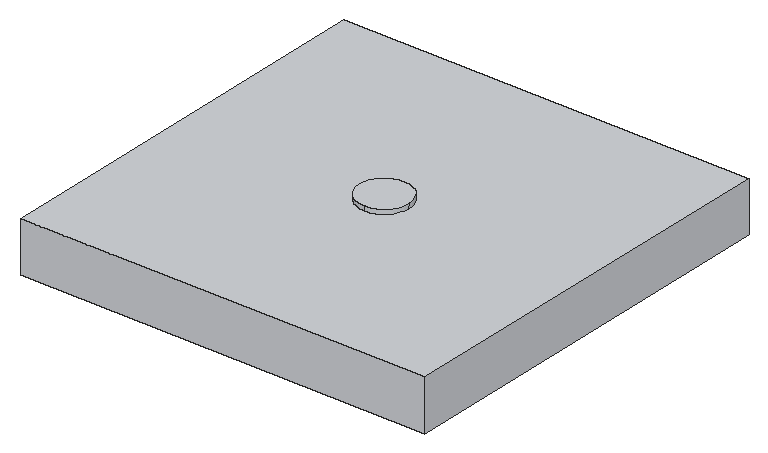
Revit family "M_Conector do duto redondo - Ar de retorno - Terminal de ar", category Terminais de ar, Revit 2019
Family settings
  Hospedeiro = Face
  Cota do conector redondo = Usar raio
  Tipo de parte = Normal
  Número OmniClass = 23.75.70.21.27
  Título OmniClass = Air Outlets and Inlets
  ID de item do Seek = Round Duct Connector - Return Air - Air Terminal-0000-CAN-ENU
  Corte com vazios quando carregada = Não
  Compartilhado = Não
  Ponto de cálculo do ambiente = Não
Parameters (values of type "Padrão")
  SetaAcimaVisível [instance] = yes
  Espessura = 25 mm
  SetaDireitaVisível [instance] = yes
  Raio = 150 mm
  SetaEsquerdaVisível [instance] = yes
  Fluxo [instance] = 47.19 L/s
  Diâmetro = Raio * 2  # 300 mm
  Default Elevation = 0 mm
  SetaInferiorVisível [instance] = yes
  Assembly Code = ""
  Deslocamento da seta = 362 mm
Reference planes
  plane 1 "Centro (Frente/Trás)": y = 0
  plane 2: z = 0
  plane 3 "Centro (Esquerda/Direita)": x = 0
Forms (mm)
  Extrusion 1, solid
    sketch origin (0, 0, 0) x (1, 0, 0) y (0, 1, 0)
      loop
        line (-1219.2, 1219.2) -> (-1219.2, -1219.2) -> (1219.2, -1219.2) -> (1219.2, 1219.2) -> (-1219.2, 1219.2)
    from 0 to -304.8
  Sweep 2, solid
    path in 3D
      loop
        line (0, 0, 0) -> (0, 0, 25)
    profile "M_Duto - Redondo : Duto - Redondo" origin (0, 0, 12.5) x (0, -1, 0) y (1, 0, 0)
      loop
        arc (-150, 0) -> (-106.066, -106.066) -> (0, -150) r 150
        arc (0, -150) -> (106.066, -106.066) -> (150, 0) r 150
        arc (150, 0) -> (106.066, 106.066) -> (0, 150) r 150
        arc (0, 150) -> (-106.066, 106.066) -> (-150, 0) r 150
Lines and regions (mm)
  reference lines
    curve 1: line (0, 0, 0) -> (0, 0, 25)
  sketch lines
    curve 2: line (0, 0, 0) -> (0, 0, 25)
Dimensions and locks
  "Espessura": curve 1 to curve 1
  "Deslocamento da seta": plane 1 "Centro (Frente/Trás)" to nested 2
  "Deslocamento da seta": nested 1 to plane 3 "Centro (Esquerda/Direita)"
  "Deslocamento da seta": plane 1 "Centro (Frente/Trás)" to nested 4
  "Deslocamento da seta": plane 3 "Centro (Esquerda/Direita)" to nested 3
  aligned and locked: plane 2 to Extrusion 1
  aligned and locked: level to Extrusion 1
  aligned and locked: Extrusion 1 to curve 1
  aligned and locked: curve 1 to plane 1 "Centro (Frente/Trás)"
  aligned and locked: nested 2 to plane 3 "Centro (Esquerda/Direita)"
  aligned and locked: plane 1 "Centro (Frente/Trás)" to nested 1
  aligned and locked: plane 3 "Centro (Esquerda/Direita)" to nested 4
  aligned and locked: nested 3 to plane 1 "Centro (Frente/Trás)"
Automatic sketch dimensions
  Extrusion 1 sketch curve to Extrusion 1 sketch curve = 2438.4 mm  (x2)
Nested families
  nested 1: "M_Seta terminal do duto_Reverso" at (-362, 0, 0), visible <- "SetaEsquerdaVisível", type "Seta do terminal do duto_Reverso"
  nested 2: "M_Seta terminal do duto_Reverso" at (0, 362, 0) x (0, -1, 0) z (0, 0, 1), visible <- "SetaAcimaVisível", type "Seta do terminal do duto_Reverso"
  nested 3: "M_Seta terminal do duto_Reverso" at (362, 0, 0) x (-1, 0, 0) z (0, 0, 1), visible <- "SetaDireitaVisível", type "Seta do terminal do duto_Reverso"
  nested 4: "M_Seta terminal do duto_Reverso" at (0, -362, 0) x (0, 1, 0) z (0, 0, 1), visible <- "SetaInferiorVisível", type "Seta do terminal do duto_Reverso"
Connectors
  hvac at (0, 0, 25), driven by "Raio", driven by "Fluxo"
    settings: on Sweep 2, index 1, duct flow 47.19 L/s, flow factor 0, pres drop 0.0 Pa, loss coef 0, conn angle 0.00°, conn width 304.8 mm, conn height 304.8 mm, conn diameter 300 mm, duct sys type 2, conn prof type 0, flow config 1, flow direction 2, loss method 0, conn ref index -1, conn util no, is conn primary yes, conn desc ""
Definition of nested family "M_Seta terminal do duto_Reverso"
  Reference planes
    plane 1: y = 0
    plane 2: x = 0
  Lines and regions (mm)
    Filled region 1, type "Preto sólido"
      outline origin (-25.4, 0, 0) x (1, 0, 0) y (0, 1, 0)
        loop
          line (25.4, 0) -> (22.225, 1.156) -> (22.225, -1.156) -> (25.4, 0)
    detail lines
      curve 1: line (-6.35, 0, 0) -> (0, 0, 0)
